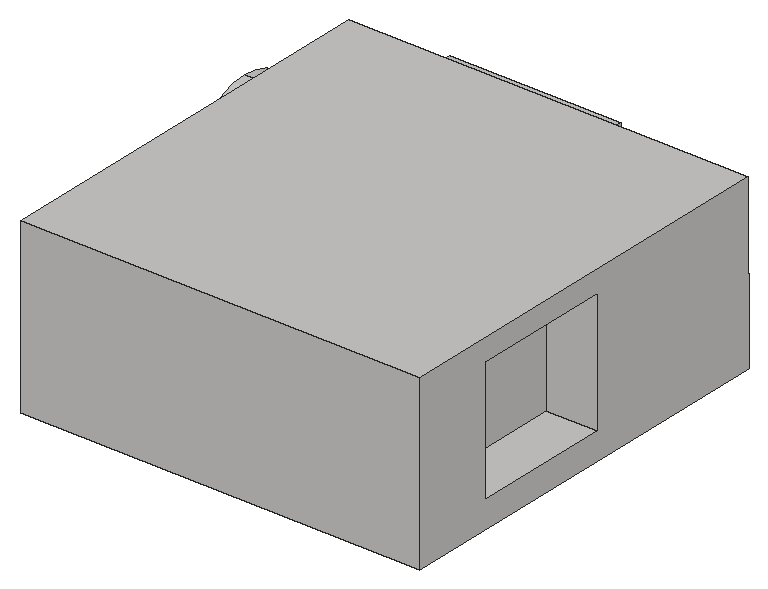
Revit family
Parameters
  Width = 4' - 0 1/8"
  Voltage = 277 V
  Unit Weight = "225.0 lbs"
  UltraLoc Liner = Choose Liner Option = 3  # no
  URL = "http://www.titus-hvac.com/"
  UL = "181"
  Supply Air Flow [instance] = 0 CFM
  SteriLoc Liner = Choose Liner Option = 2  # no
  Primary Air Pressure Drop [instance] = 0.00 in-wg
  Primary Air Flow [instance] = 0 CFM
  Plenum Air Pressure Drop [instance] = 0.00 in-wg
  Plenum Air Flow [instance] = 0 CFM
  Outlet Width = 1' - 4 1/2"
  Outlet Vertical Offset = 0' - 1 1/8"
  Outlet Horizontal Offset = 0' - 1 3/8"
  Outlet Height = 1' - 2 1/2"
  Number of Poles = 1
  Nominal Width = Width + 0' 6 1/4"  # 4' - 6 3/8"
  Nominal Length = Length + 0' 3 3/8"  # 4' - 2 1/4"
  Nominal Inlet Size = 1' - 4"
  Nominal Height = 1' - 8 1/8"
  NFPA = "90A"
  Motor Full Load Amps = 5.4 A
  Model = "DTQS"
  Min. Air Flow = 0 CFM
  Max. Air Flow = 0 CFM
  Material = Galvanized Steel
  Manufacturer = "Titus"
  Length = 3' - 10 7/8"
  Juction Box Offset = 0' - 6 7/8"
  Inlet Diameter = Nominal Inlet Size - 0' 0 1/8"  # 1' - 3 7/8"
  Induced offset = 0' - 1 1/4"
  Induced Air Inlet Offset = 0' - 4 1/2"
  Induced Air Inlet Width = 1' - 9"
  Induced Air Inlet Height = 1' - 5 1/2"
  Induced Air Filter = no
  Heating Total Capacity [instance] = 0 Btu/h
  Half Outlet Connection Width = Outlet Width / 2  # 0' - 8 1/4"
  Half Outlet Connection Height = Outlet Height / 2  # 0' - 7 1/4"
  Half Height Start = -(Nominal Height / 2)  # -0' - 10 1/16"
  Half Height End = Nominal Height / 2  # 0' - 10 1/16"
  HP-Motor = "3/4"
  Frequency = 60 Hz
  Filter Size = "27\"x20\""
  Fiber Free Liner = Choose Liner Option = 1  # no
  Fan Disconnect Switch = no
  Duct Radius = Nominal Inlet Size / 2  # 0' - 8"
  Description = "Series Fan Powered Terminal Unit, Direct Digital Control, Pressure Independent"
  Connection Void Radius = Connection Radius - 0' 0 1/4"  # 0' - 7 11/16"
  Connection Radius = Inlet Diameter / 2  # 0' - 7 15/16"
  Choose Liner Option = 0
  CADworks URL = "www.CADworks.net"
  Assembly Code = "D3040100"
  Apparent Power = Voltage * Motor Full Load Amps  # 1495.8 VA
  Air Inlet Offset = 0' - 11"
  1/2" Fiberglass Liner = Choose Liner Option = 0  # yes
Reference planes (in)
  plane 1 "Center (Front/Back)": y = 0
  plane 2: z = 0
  plane 3 "Center (Left/Right)": x = 3
  plane 4: x = -20.4375
  plane 5: x = 26.4375
  plane 6: x = -13.5625
  plane 7: x = -23.8125
  plane 8 "Center (Elevation)": z = 0
  plane 9: y = -24.0625
  plane 10: y = 24.0625
  plane 11: y = 13.0625
  plane 12: y = -19.5625
  plane 13: x = 20.4375
  plane 14: y = 30.3125
  plane 15: z = 10.0625
  plane 16: z = -10.0625
Forms (in)
  Extrusion 1, solid, material "Galvanized Steel" <- "Material"
    sketch origin (0, 0, 52) x (1, 0, 0) y (0, 1, 0)
      loop
        line (-20.4375, 24.0625) -> (-20.4375, -24.0625) -> (26.4375, -24.0625) -> (26.4375, 24.0625) -> (-20.4375, 24.0625)
    from -62.0625 <- "Half Height Start" to -41.9375 <- "Half Height End"
  Extrusion 2, solid, material "Galvanized Steel" <- "Material"
    sketch origin (5.0625, 0, -6) x (1, 0, 0) y (0, 1, 0)
      loop
        line (-18.625, 24.0625) -> (1.375, 24.0625) -> (1.375, 30.3125) -> (-18.625, 30.3125) -> (-18.625, 24.0625)
    from 0 to 12
  Extrusion 3, void
    sketch origin (26.4375, 24.0625, 53.125) x (0, 1, 0) y (0, 0, -1)
      loop
        line (-22.125, 45.5625) -> (-22.125, 60.0625) -> (-38.625, 60.0625) -> (-38.625, 45.5625) -> (-22.125, 45.5625)
    from 0 to 6
  Extrusion 4, solid, material "Galvanized Steel" <- "Material"
    sketch origin (-24.875, 0.5625, 0) x (0, 0, -1) y (0, 1, 0)
      loop
        circle (0, 12.5) r 7.9375
    from 1.0625 to 4.4375
  Extrusion 5, void
    sketch origin (-24.875, 0, 0) x (0, 1, 0) y (0, 0, 1)
      loop
        circle (13.0625, 0) r 7.6875
    from 1.0625 to 11.3125
  Extrusion 6, void
    sketch origin (-20.4375, -24.0625, 52) x (0, -1, 0) y (0, 0, -1)
      loop
        line (-25.5, 43.3125) -> (-4.5, 43.3125) -> (-4.5, 60.8125) -> (-25.5, 60.8125) -> (-25.5, 43.3125)
    from 0 to 6.875
Cuts and joins
  Extrusion 3, Extrusion 5, Extrusion 6 cuts Extrusion 1
  Extrusion 5 cuts Extrusion 4
Dimensions and locks (in)
  "Length": plane 5 to plane 4
  equal spacing: plane 5, plane 3 "Center (Left/Right)", plane 4
  locked: Extrusion 2 to plane 6 at 0
  locked: Extrusion 2 to Extrusion 2 at 20
  "Juction Box Offset": plane 6 to plane 4
  "Outlet Height": Extrusion 3 sketch curve to Extrusion 3 sketch curve
  "Outlet Width": Extrusion 3 sketch curve to Extrusion 3 sketch curve
  locked: plane 4 to plane 7 at 3.375
  "Width": plane 9 to plane 10
  equal spacing: plane 9, plane 1 "Center (Front/Back)", plane 10
  locked: Extrusion 4 sketch curve to level at 0
  locked: Extrusion 4 sketch curve to plane 11 at 0
  locked: Extrusion 5 sketch curve to level at 0
  locked: Extrusion 5 sketch curve to plane 11 at 0
  locked: Extrusion 2 to Extrusion 2 at 6.25
  "Air Inlet Offset": plane 10 to plane 11
  locked: Extrusion 2 to plane 10 at 0
  locked: cut or joined group of Extrusion 4, Extrusion 5 to plane 7 at 0
  locked: cut or joined group of Extrusion 4, Extrusion 5 to cut or joined group of Extrusion 4, Extrusion 5 at 3.375
  "Induced Air Inlet Offset": plane 9 to plane 12
  "Induced Air Inlet Width": Extrusion 6 sketch curve to Extrusion 6 sketch curve
  "Induced Air Inlet Height": Extrusion 6 sketch curve to Extrusion 6 sketch curve
  "Induced Air Inlet Offset": Extrusion 6 sketch curve to plane 9
  locked: plane 9 to Extrusion 3 sketch curve at 9.5
  cut or joined group of Extrusion 1, Extrusion 3, Extrusion 5, Extrusion 6 to Extrusion 3 sketch curve = 0' - 3 1/8"
  locked: Extrusion 2 to Extrusion 2 at 12
  equal spacing: Extrusion 2, level, Extrusion 2
  locked: cut or joined group of Extrusion 1, Extrusion 3, Extrusion 5, Extrusion 6 to cut or joined group of Extrusion 1, Extrusion 3, Extrusion 5, Extrusion 6 at 20.125
  equal spacing: cut or joined group of Extrusion 1, Extrusion 3, Extrusion 5, Extrusion 6, level, cut or joined group of Extrusion 1, Extrusion 3, Extrusion 5, Extrusion 6
  "Induced offset": Extrusion 6 sketch curve to cut or joined group of Extrusion 1, Extrusion 3, Extrusion 5, Extrusion 6
  "Connection Radius": radius of Extrusion 4 sketch curve
  "Connection Void Radius": radius of Extrusion 5 sketch curve
  aligned and locked: plane 6 to Extrusion 6
  aligned and locked: Extrusion 3 to plane 13
  aligned and locked: plane 5 to cut or joined group of Extrusion 1, Extrusion 3, Extrusion 5, Extrusion 6
  aligned and locked: cut or joined group of Extrusion 1, Extrusion 3, Extrusion 5, Extrusion 6 to plane 4
  aligned and locked: cut or joined group of Extrusion 1, Extrusion 3, Extrusion 5, Extrusion 6 to plane 10
  aligned and locked: plane 9 to cut or joined group of Extrusion 1, Extrusion 3, Extrusion 5, Extrusion 6
  aligned and locked: Extrusion 1 to Extrusion 6
  aligned and locked: Extrusion 5 to plane 7
  aligned and locked: plane 6 to Extrusion 5
Automatic sketch dimensions
  Extrusion 1 sketch curve to plane 4 = 0' - 0"
  plane 5 to Extrusion 1 sketch curve = 0' - 0"
  Extrusion 1 sketch curve to plane 9 = 0' - 0"
  Extrusion 1 sketch curve to plane 10 = 0' - 0"
  Extrusion 2 sketch curve to plane 6 = 0' - 0"
  Extrusion 2 sketch curve to plane 10 = 0' - 0"
  plane 3 "Center (Left/Right)" to Extrusion 2 sketch curve = 0' - 3 7/16"
  Extrusion 2 sketch curve to plane 10 = 0' - 6 1/4"
Connectors (in)
  electrical at (-3.5625, 30.3125, 0), driven by "Apparent Power", driven by "Voltage", driven by "Number of Poles"
    settings: on Extrusion 2, index 8
  hvac at (-23.8125, 13.0625, 0), driven by "Primary Air Flow", driven by "Duct Radius", driven by "Primary Air Pressure Drop"
    settings: on cut or joined group of Extrusion 4, Extrusion 5, index 9
  hvac at (-20.4375, -9.0625, -0.0625), driven by "Induced Air Inlet Height", driven by "Induced Air Inlet Width", driven by "Plenum Air Pressure Drop", driven by "Plenum Air Flow"
    settings: on cut or joined group of Extrusion 1, Extrusion 3, Extrusion 5, Extrusion 6, index 12
  hvac at (26.4375, -6.3125, 0.3125), driven by "Supply Air Flow", driven by "Outlet Width", driven by "Outlet Height"
    settings: on cut or joined group of Extrusion 1, Extrusion 3, Extrusion 5, Extrusion 6, index 13
